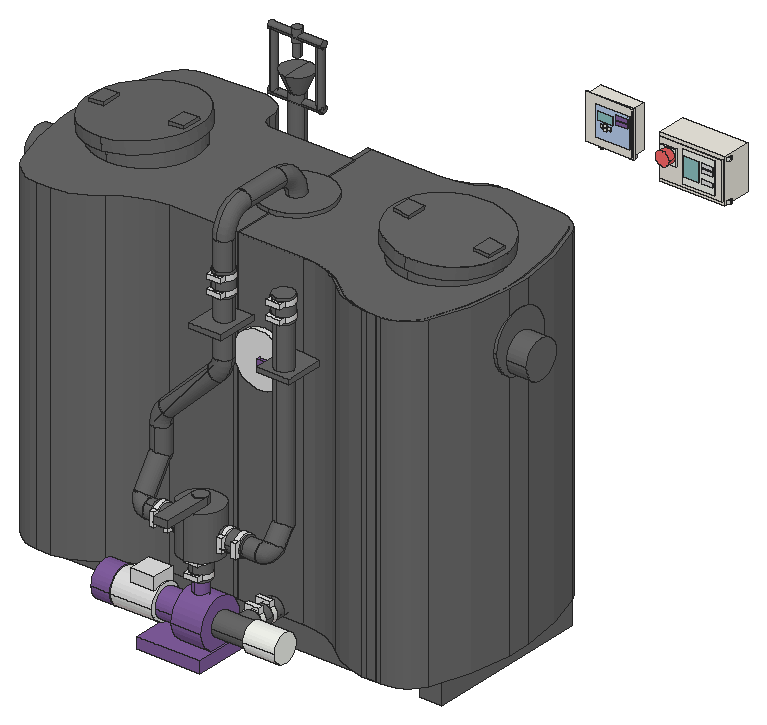
Revit family "93007.02_ms", category Generic Models, Revit 2021
Family settings
  Can host rebar = No
  Round Connector Dimension = Use Diameter
  Part Type = Normal
  Work Plane-Based = No
  Always vertical = Yes
  Cut with Voids When Loaded = No
  Shared = Yes
  Room Calculation Point = No
Parameters (values of type "93007.02_MS")
  SUPPLIER = "KESSEL"
  SA810ID06 = "4026092065044"
  SA810ID03 = "93007.02/MS"
  SA71009ID06 = 3000 W
  SA71009ID05 = 3600 W
  SA71009ID04 = 1
  SA700ID17 = 1255 mm
  SA700ID14 = "ohne Angabe"
  SA700ID13 = 70 mm
  SA700ID09 = 1678 mm
  SA700ID08 = 940 mm
  SA700ID07 = 1910 mm
  SA700ID06 = 700
  SA700ID05 = 7
  SA700ID04 = "Grease separator EasyClean free NS 7, Mix & Pump, SonicControl"
  SA500ID03 = "Sludge trap, integrated"
  SA400ID03 = "PE (Polyethylen)"
  SA250ID03 = "temperierte Umhausung"
  SA200ID03 = "free-standing set-up"
  SA100ID04 = "Abscheideranlage für Fette (Schlammfang und Fettabscheider)"
  PROCUREWEBLINK = "https://p.caden.as/kessel/93007.02%2FMS"
  PROCURELINK = "p.caden.as/kessel/93007.02%2FMS"
  PROCUREDATALASTUPDATE = "2024-05-22T12:18:15.340865712+01:00"
  PRC_SPECIFICATIONLINK = "https://ausschreiben.de/catalog/kessel/catalogItem/1dc75901-4dd0-4659-910a-3110c6bda503"
  NN = "EasyClean free Mix & Pump grease separator"
  NBSYN = "$SA810ID03."
  NB = "93007.02/MS"
  Model = "93007.02/MS"
  Manufacturer = "KESSEL"
  MIdent = "{$CADENAS_DATA/23d-libs/kessel/kessel_vdi_import/40/abscheideranlage20fuer20fette/easyclean_free_mix_pump.prj},210 {STYP=ASS},{VTYP=3D},{NB=93007.02/MS},{LINA=93007.02/MS},{NN=EasyClean free Mix & Pump grease separator},{DATE=21.12.2022 12:04:43},{GEOMDATE=17.11.2022 09:57:07},{VERSION=},{LINEID=220},{WBVAR=},{WBNUMERIC=}  {NB=93007.02/MS},{LINA=93007.02/MS},{KT=DUMMY},{PREVIEW=../../bilder/ksb_w_9300702ms.png},{SA700ID04=Fettabscheider EasyClean free NS 7, Mix & Pump, SonicControl},{SA810ID06=4026092065044},{SA010ID04=KESSEL AG},{SA810ID03=93007.02/MS},{SA100ID04=Abscheideranlage für Fette (Schlammfang und Fettabscheider)},{SA200ID03=Freiaufstellung},{SA400ID03=PE (Polyethylen)},{SA500ID03=Schlammfang integriert},{SA700ID05=7.00},{SA700ID06=700},{SA71009ID04=1},{SA71009ID05=3.60},{SA71009ID06=3.00},{SA250ID03=temperierte Umhausung},{SA700ID07=1910},{SA700ID09=1678},{SA700ID13=70},{SA700ID17=1255},{SA700ID08=940},{SA810ID10=\\\"Der Abscheider für fetthaltiges Abwasser ist für die freie Aufstellung in frostgeschützten Räumen geeignet und verzichtet auf metallische Bauteile im Behälter. Der Sammelbehälter aus dauerhaft beständigem Kunststoff (PE) ist mit einem integrierten Schlammfang ausgestattet und besitzt ein konisch zulaufendes Bodenteil für eine schnelle und saubere Entsorgung. Zwei geruchsdichte Deckel mit Schnellspannverschlüssen ermöglichen einen einfachen Zugang für Reinigungs- und Wartungsarbeiten.Das innovative Schredder-Mix-System mit integriertem Zerhacker übernimmt die Homogenisierung und Umwälzung des Behälterinhaltes. Die Reinigung und geruchsneutrale Entsorgung erfolgt dabei über eine außenliegende Pumpe mit 2-Wege-Ventil und Umschalthebel, die mit einem Absperrschieber vom Behälter getrennt werden kann. Nach der Entsorgung sind nur noch max. 3 Liter Schlammrestvolumen im Behälter vorhanden.Die manuelle Steuerung erfolgt durch ein anwenderfreundliches Schaltgerät, das über einen potentialfreien Kontakt in die Gebäudeleittechnik eingebunden werden kann.Gewährleistung auf den Werkstoff PE 20 Jahre.Ausführung:Absperreinrichtung: jaEntsorgungsart: manuelles Entsorgungs- und ReinigungssystemEntsorgungseinrichtung: EntsorgungspumpeEntsorgungsvariante: Mix & PumpFülleinrichtung nach DIN 1988: jaNenngröße (NS): 7Schauglas: jaSchredder-Mix-System: jaSonicControl: jaWasserversorgung: 1 Schraubventil 1\\\"\\\"Tragfähigkeit (DIN 19901): F3Lieferumfang: Storz-B-Kupplung R 2 1/2 \\\"\\\" für SaugwagenanschlussEinbausituation: freie AufstellungAllgemeine Merkmale:Material: PENorm: EN 1825: 2004, DIN 4040-100Abmessungen:Aufstellfläche Länge: 2.147 mmAufstellfläche Breite: 1.108 mmAufstellfläche Höhe: 1.892 mmEinbringmaß Länge: 1.910 mmEinbringmaß Breite: 940 mmEinbringmaß Höhe: 1.678 mmBehälter/Grundkörper:Zulauf Nennweite (DN): 150 mmZulauf Nennweite (DA): 160 mmAuslauf Nennweite (DN): 150Auslauf Nennweite (DA): 160Abstand Rohrsohle Zulauf zu Behälterboden: 1.255 mmAbstand Rohrsohle Auslauf zu Behälterboden: 1.185 mmAnschluss Zu-/Auslaufstutzen: PE-HD-Rohre nach DIN 19537, HT-Rohre nach DIN 19560, PP oder ASDruckabgang (DA): 75 mmDruckabgang (DN): 65 mmNenndruck (PN): 10Abdeckungsmerkmale:Abdeckungsart: DeckelAbdeckung Material: KunststoffAbdeckung Farbe: violettDichtheit: geruchsdichtVerriegelung: SchnellspannverschlussAbwasserinhalt:Abscheiderinhalt: 650 lGesamtvolumen: 1.350 lSchlammfanginhalt: 700 lSpeichermenge an Fett: 280 lFördereinrichtung:Pumpe: SPF 300 KE 2.0Anzahl Pumpen: 1Förderhöhe max.: 17 mFörderleistung max.: 60 m3/hBetriebsspannung: 400 VNetzfrequenz: 50 HzBetriebsart: S2 - 30 Min.Leistung P1: 3,6 kWLeistung P2: 3 kWDrehzahl: 2.850 U/minErforderliche Absicherung (Leitungsschutz): Absicherung über Schaltgerät 400 VFörderguttemperatur (dauerhaft) max.: 40 °CAnschlusstyp: DirektanschlussGewicht: 44 kgLaufrad Typ: Radiallaufrad mit ZerhackerLänge Netzanschlussleitung Pumpe: 5 mNennstrom: 6,2 ASchutzart Pumpe: IP 55Schutzklasse: ITyp Anschlussleitung Pumpe: H07RN-F 7G 1,5 mm2Temperaturüberwachung: integriertSteuerung:Schaltgerät: jaBetriebsspannung: 400 VNetzfrequenz: 50 HzSelbstdiagnosesystem (SDS): jaBatteriepufferung: neinMehrzeilige Displayanzeige: neinLogbuchfunktion: neinUSB-Schnittstelle: neinGSM-Schnittstelle: neinPotentialfreier Kontakt: jaErforderliche Absicherung (Leitungsschutz): 3 x C 16 AErforderliche Absicherung (RCD): 30 mAMotorschutz Schalter: jaSchutzart Schaltgerät: IP 54\\\"},{SA700ID14=ohne Angabe},{LODLEVEL=0},{CATEGORY3AA=},{CATEGORY3AB=EasyClean free Mix & Pump},{CATEGORY3AC=},{CATEGORY3AD=},{CATEGORY3AE=},{CATEGORY3AF=},{BEZEICHNUNG=},{BREITE=0.0},{TIEFE=MIN},{HOEHE=MIN},{MASSE=MIN},{LOD_=0,'Low'},{LOD_DEU=0,'Low'},{LOD_3DB=93007.02/MS_0},{DNIN1=150},{DNIN2=10},{DNIN3=10},{DNIN4=10},{DNIN5=MIN},{DNIN6=MIN},{DNIN7=MIN},{DNOUT1=150},{DNOUT2=50},{ISD=80},{ISD2=10},{SA960ID03=101},{SA960ID04=3L},{SA960ID08=http://www.kessel.de/info?han=93007.02/MS},{SA010ID01=010},{SA010ID02=40},{SA010ID06=www.kessel.de},{SA010ID08=4026092000007},{SA100ID01=100},{SA100ID02=1},{SA740ID01=740},{SA200ID01=200},{SA200ID02=1},{SA250ID01=250},{SA250ID02=1},{SA400ID01=400},{SA400ID02=1},{SA500ID01=500},{SA500ID02=1},{SA700ID01=700},{SA700ID02=101},{SA700ID14_=0},{SA71009ID01=710.09},{SA71009ID02=1},{SA71009ID03=SPF 300 KE 2.0},{SA71009ID07=IP55},{SA71009ID08=1},{SA71009ID09=1},{SA71009ID10=60},{SA71009ID11=17},{SA810ID01=810},{SA810ID02=101},{SA810ID04=93007.02/MS},{SA810ID07=101},{SA810ID14=PCE},{LINK=http://www.kessel.de/info?han=93007.02/MS},{LINK_=http://www.kessel.de/info?han=93007.02/MS},{LINK_DEU=http://www.kessel.de/info?han=93007.02/MS},{LODLEVELVIS=Low}"
  LINK = "http://www.kessel.de/info?han=93007.02/MS"
  LINA = "93007.02/MS"
  Default Elevation = 0 mm
  CREATOR = "CADENAS GmbH"
  CATALOG = "KESSEL"
  BOMINFO = "LINA"
  ARTICLENO = "NB"
Reference planes
  plane 1 "Center (Front/Back)": y = 0
  plane 2: z = 0
  plane 3 "Center (Left/Right)": x = 0
Dimensions and locks
  aligned and locked: level to plane 2
Nested families
  nested 1: "93007.02_ms_content" at (0, 0, 0), type "93007.02_MS_Content"
  nested 2: "93007.02_ms_part1_X0Y0" at (1000, 1000, 1500), type "93007.02_MS_PART1_X0Y0"
  nested 3: "93007.02_ms_part2_X0Y0" at (600, 1000, 1500), type "93007.02_MS_PART2_X0Y0"
  nested 4: "93007.02_ms_part3_X0Y0" at (0, 0, 0), type "93007.02_MS_PART3_X0Y0"
Connectors
  electrical at (910.5, 933.5, 1478)
    settings: on nested 2, index 1, voltage 0 V, apparent load 0 VA, apparent load phase1 0 VA, apparent load phase2 0 VA, apparent load phase3 0 VA, power factor 1, load classification "Other", number of poles 1, system type 31, power factor state 1, is connector primary yes, connector utility no, sub classification motor no, connector description ""
  electrical at (536, 972.5, 1469)
    settings: on nested 3, index 2, voltage 0 V, apparent load 0 VA, apparent load phase1 0 VA, apparent load phase2 0 VA, apparent load phase3 0 VA, power factor 1, load classification "Other", number of poles 1, system type 31, power factor state 1, is connector primary no, connector utility no, sub classification motor no, connector description ""
  piping at (-1103.3, 0, 1336), diameter 150
    settings: on nested 4, index 3, connector inside diameter 609.6 mm, connector length 0 mm, flow factor 0, pipe flow 0.0 L/s, pressure drop 0.0 Pa, fitting loss kfactor 0, connector angle 0.00°, fixture units 0, engagement length 0 mm, angle of deflection 0.00°, flow configuration 0, flow direction 1, fitting loss method 2, system type 8, joint type 0, gender type 0, connector reference index -1, connector utility 0, adjustable connector no, is connector primary yes, connector description ""
  piping at (1050.4, 0, 1265), diameter 150
    settings: on nested 4, index 4, connector inside diameter 609.6 mm, connector length 0 mm, flow factor 0, pipe flow 0.0 L/s, pressure drop 0.0 Pa, fitting loss kfactor 0, connector angle 0.00°, fixture units 0, engagement length 0 mm, angle of deflection 0.00°, flow configuration 0, flow direction 2, fitting loss method 2, system type 7, joint type 0, gender type 0, connector reference index -1, connector utility 0, adjustable connector no, is connector primary no, connector description ""
  piping at (-306, 386, 1897.9), diameter 10
    settings: on nested 4, index 5, connector inside diameter 609.6 mm, connector length 0 mm, flow factor 0, pipe flow 0.0 L/s, pressure drop 0.0 Pa, fitting loss kfactor 0, connector angle 0.00°, fixture units 0, engagement length 0 mm, angle of deflection 0.00°, flow configuration 0, flow direction 1, fitting loss method 2, system type 8, joint type 0, gender type 0, connector reference index -1, connector utility 0, adjustable connector no, is connector primary no, connector description ""
  piping at (290, -432.5, 1442), diameter 50
    settings: on nested 4, index 6, connector inside diameter 609.6 mm, connector length 0 mm, flow factor 0, pipe flow 0.0 L/s, pressure drop 0.0 Pa, fitting loss kfactor 0, connector angle 0.00°, fixture units 0, engagement length 0 mm, angle of deflection 0.00°, flow configuration 0, flow direction 2, fitting loss method 2, system type 7, joint type 0, gender type 0, connector reference index -1, connector utility 0, adjustable connector no, is connector primary no, connector description ""
  electrical at (-212, -514.5, 248.5)
    settings: on nested 4, index 7, voltage 0 V, apparent load 0 VA, apparent load phase1 0 VA, apparent load phase2 0 VA, apparent load phase3 0 VA, power factor 1, load classification "Other", number of poles 1, system type 31, power factor state 1, is connector primary no, connector utility no, sub classification motor no, connector description ""
Definition of nested family "93007.02_ms_part1_X0Y0"
  Parameters (values of type "93007.02_MS_PART1_X0Y0")
    SUPPLIER = "KESSEL"
    SA810ID06 = "4026092065044"
    SA810ID03 = "93007.02/MS"
    SA71009ID06 = 3000 W
    SA71009ID05 = 3600 W
    SA71009ID04 = 1
    SA700ID17 = 1255 mm
    SA700ID14 = "ohne Angabe"
    SA700ID13 = 70 mm
    SA700ID09 = 1678 mm
    SA700ID08 = 940 mm
    SA700ID07 = 1910 mm
    SA700ID06 = 700
    SA700ID05 = 7
    SA700ID04 = "Grease separator EasyClean free NS 7, Mix & Pump, SonicControl"
    SA500ID03 = "Sludge trap, integrated"
    SA400ID03 = "PE (Polyethylen)"
    SA250ID03 = "temperierte Umhausung"
    SA200ID03 = "free-standing set-up"
    SA100ID04 = "Abscheideranlage für Fette (Schlammfang und Fettabscheider)"
    NBSYN = "$SA810ID03._PART1"
    NB = "93007.02/MS_PART1"
    Model = "93007.02/MS_PART1"
    Manufacturer = "KESSEL"
    MIdent = "{$CADENAS_DATA/23d-libs/kessel/kessel_vdi_import/40/abscheideranlage20fuer20fette/easyclean_free_mix_pump.prj},230 {VTYP=3D},{NB=93007.02/MS_PART1},{LINA=93007.02/MS_PART1},{NN=EasyClean free Mix & Pump grease separator_PART1},{NOPRJ=TRUE},{DATE=21.12.2022 12:04:43},{GEOMDATE=17.11.2022 09:57:07},{VERSION=},{LINEID=220},{WBVAR=},{WBNUMERIC=}  {NB=93007.02/MS_PART1},{LINA=93007.02/MS_PART1},{KT=DUMMY},{PREVIEW=../../bilder/ksb_w_9300702ms.png},{SA700ID04=Fettabscheider EasyClean free NS 7, Mix & Pump, SonicControl},{SA810ID06=4026092065044},{SA010ID04=KESSEL AG},{SA810ID03=93007.02/MS},{SA100ID04=Abscheideranlage für Fette (Schlammfang und Fettabscheider)},{SA200ID03=Freiaufstellung},{SA400ID03=PE (Polyethylen)},{SA500ID03=Schlammfang integriert},{SA700ID05=7.00},{SA700ID06=700},{SA71009ID04=1},{SA71009ID05=3.60},{SA71009ID06=3.00},{SA250ID03=temperierte Umhausung},{SA700ID07=1910},{SA700ID09=1678},{SA700ID13=70},{SA700ID17=1255},{SA700ID08=940},{SA810ID10=\\\"Der Abscheider für fetthaltiges Abwasser ist für die freie Aufstellung in frostgeschützten Räumen geeignet und verzichtet auf metallische Bauteile im Behälter. Der Sammelbehälter aus dauerhaft beständigem Kunststoff (PE) ist mit einem integrierten Schlammfang ausgestattet und besitzt ein konisch zulaufendes Bodenteil für eine schnelle und saubere Entsorgung. Zwei geruchsdichte Deckel mit Schnellspannverschlüssen ermöglichen einen einfachen Zugang für Reinigungs- und Wartungsarbeiten.Das innovative Schredder-Mix-System mit integriertem Zerhacker übernimmt die Homogenisierung und Umwälzung des Behälterinhaltes. Die Reinigung und geruchsneutrale Entsorgung erfolgt dabei über eine außenliegende Pumpe mit 2-Wege-Ventil und Umschalthebel, die mit einem Absperrschieber vom Behälter getrennt werden kann. Nach der Entsorgung sind nur noch max. 3 Liter Schlammrestvolumen im Behälter vorhanden.Die manuelle Steuerung erfolgt durch ein anwenderfreundliches Schaltgerät, das über einen potentialfreien Kontakt in die Gebäudeleittechnik eingebunden werden kann.Gewährleistung auf den Werkstoff PE 20 Jahre.Ausführung:Absperreinrichtung: jaEntsorgungsart: manuelles Entsorgungs- und ReinigungssystemEntsorgungseinrichtung: EntsorgungspumpeEntsorgungsvariante: Mix & PumpFülleinrichtung nach DIN 1988: jaNenngröße (NS): 7Schauglas: jaSchredder-Mix-System: jaSonicControl: jaWasserversorgung: 1 Schraubventil 1\\\"\\\"Tragfähigkeit (DIN 19901): F3Lieferumfang: Storz-B-Kupplung R 2 1/2 \\\"\\\" für SaugwagenanschlussEinbausituation: freie AufstellungAllgemeine Merkmale:Material: PENorm: EN 1825: 2004, DIN 4040-100Abmessungen:Aufstellfläche Länge: 2.147 mmAufstellfläche Breite: 1.108 mmAufstellfläche Höhe: 1.892 mmEinbringmaß Länge: 1.910 mmEinbringmaß Breite: 940 mmEinbringmaß Höhe: 1.678 mmBehälter/Grundkörper:Zulauf Nennweite (DN): 150 mmZulauf Nennweite (DA): 160 mmAuslauf Nennweite (DN): 150Auslauf Nennweite (DA): 160Abstand Rohrsohle Zulauf zu Behälterboden: 1.255 mmAbstand Rohrsohle Auslauf zu Behälterboden: 1.185 mmAnschluss Zu-/Auslaufstutzen: PE-HD-Rohre nach DIN 19537, HT-Rohre nach DIN 19560, PP oder ASDruckabgang (DA): 75 mmDruckabgang (DN): 65 mmNenndruck (PN): 10Abdeckungsmerkmale:Abdeckungsart: DeckelAbdeckung Material: KunststoffAbdeckung Farbe: violettDichtheit: geruchsdichtVerriegelung: SchnellspannverschlussAbwasserinhalt:Abscheiderinhalt: 650 lGesamtvolumen: 1.350 lSchlammfanginhalt: 700 lSpeichermenge an Fett: 280 lFördereinrichtung:Pumpe: SPF 300 KE 2.0Anzahl Pumpen: 1Förderhöhe max.: 17 mFörderleistung max.: 60 m3/hBetriebsspannung: 400 VNetzfrequenz: 50 HzBetriebsart: S2 - 30 Min.Leistung P1: 3,6 kWLeistung P2: 3 kWDrehzahl: 2.850 U/minErforderliche Absicherung (Leitungsschutz): Absicherung über Schaltgerät 400 VFörderguttemperatur (dauerhaft) max.: 40 °CAnschlusstyp: DirektanschlussGewicht: 44 kgLaufrad Typ: Radiallaufrad mit ZerhackerLänge Netzanschlussleitung Pumpe: 5 mNennstrom: 6,2 ASchutzart Pumpe: IP 55Schutzklasse: ITyp Anschlussleitung Pumpe: H07RN-F 7G 1,5 mm2Temperaturüberwachung: integriertSteuerung:Schaltgerät: jaBetriebsspannung: 400 VNetzfrequenz: 50 HzSelbstdiagnosesystem (SDS): jaBatteriepufferung: neinMehrzeilige Displayanzeige: neinLogbuchfunktion: neinUSB-Schnittstelle: neinGSM-Schnittstelle: neinPotentialfreier Kontakt: jaErforderliche Absicherung (Leitungsschutz): 3 x C 16 AErforderliche Absicherung (RCD): 30 mAMotorschutz Schalter: jaSchutzart Schaltgerät: IP 54\\\"},{SA700ID14=ohne Angabe},{LODLEVEL=0},{CATEGORY3AA=},{CATEGORY3AB=EasyClean free Mix & Pump},{CATEGORY3AC=},{CATEGORY3AD=},{CATEGORY3AE=},{CATEGORY3AF=},{BEZEICHNUNG=},{BREITE=0.0},{TIEFE=MIN},{HOEHE=MIN},{MASSE=MIN},{LOD_=0,'Low'},{LOD_DEU=0,'Low'},{LOD_3DB=93007.02/MS_0},{DNIN1=150},{DNIN2=10},{DNIN3=10},{DNIN4=10},{DNIN5=MIN},{DNIN6=MIN},{DNIN7=MIN},{DNOUT1=150},{DNOUT2=50},{ISD=80},{ISD2=10},{SA960ID03=101},{SA960ID04=3L},{SA960ID08=http://www.kessel.de/info?han=93007.02/MS},{SA010ID01=010},{SA010ID02=40},{SA010ID06=www.kessel.de},{SA010ID08=4026092000007},{SA100ID01=100},{SA100ID02=1},{SA740ID01=740},{SA200ID01=200},{SA200ID02=1},{SA250ID01=250},{SA250ID02=1},{SA400ID01=400},{SA400ID02=1},{SA500ID01=500},{SA500ID02=1},{SA700ID01=700},{SA700ID02=101},{SA700ID14_=0},{SA71009ID01=710.09},{SA71009ID02=1},{SA71009ID03=SPF 300 KE 2.0},{SA71009ID07=IP55},{SA71009ID08=1},{SA71009ID09=1},{SA71009ID10=60},{SA71009ID11=17},{SA810ID01=810},{SA810ID02=101},{SA810ID04=93007.02/MS},{SA810ID07=101},{SA810ID14=PCE},{LINK=http://www.kessel.de/info?han=93007.02/MS},{LINK_=http://www.kessel.de/info?han=93007.02/MS},{LINK_DEU=http://www.kessel.de/info?han=93007.02/MS},{LODLEVELVIS=Low}"
    LINK = "http://www.kessel.de/info?han=93007.02/MS"
    LINA = "93007.02/MS_PART1"
    Default Elevation = 1219.2 mm
    CREATOR = "CADENAS GmbH"
    CATALOG = "KESSEL"
    BOMINFO = "LINA"
    ARTICLENO = "NB"
  Reference planes
    plane 1 "Center (Front/Back)": y = 0
    plane 2: z = 0
    plane 3 "Center (Left/Right)": x = 0
  Dimensions and locks
    aligned and locked: level to plane 2
  Nested families
    nested 1: "93007.02_ms_part1_content" at (0, 0, 0), type "93007.02_MS_PART1_Content"
  Definition of nested family "93007.02_ms_part1_content"
    Parameters (values of type "93007.02_MS_PART1_Content")
      SUPPLIER = "KESSEL"
      SA810ID06 = "4026092065044"
      SA810ID03 = "93007.02/MS"
      SA71009ID06 = 3000 W
      SA71009ID05 = 3600 W
      SA71009ID04 = 1
      SA700ID17 = 1255 mm
      SA700ID14 = "ohne Angabe"
      SA700ID13 = 70 mm
      SA700ID09 = 1678 mm
      SA700ID08 = 940 mm
      SA700ID07 = 1910 mm
      SA700ID06 = 700
      SA700ID05 = 7
      SA700ID04 = "Grease separator EasyClean free NS 7, Mix & Pump, SonicControl"
      SA500ID03 = "Sludge trap, integrated"
      SA400ID03 = "PE (Polyethylen)"
      SA250ID03 = "temperierte Umhausung"
      SA200ID03 = "free-standing set-up"
      SA100ID04 = "Abscheideranlage für Fette (Schlammfang und Fettabscheider)"
      NBSYN = "$SA810ID03._PART1"
      NB = "93007.02/MS_PART1"
      Model = "93007.02/MS_PART1"
      Manufacturer = "KESSEL"
      LINK = "http://www.kessel.de/info?han=93007.02/MS"
      LINA = "93007.02/MS_PART1"
      Default Elevation = 1219.2 mm
      CREATOR = "CADENAS GmbH"
      CATALOG = "KESSEL"
      BOMINFO = "LINA"
      ARTICLENO = "NB"
    Reference planes
      plane 1 "Center (Front/Back)": y = 0
      plane 2: z = 0
      plane 3 "Center (Left/Right)": x = 0
    Forms (mm)
      Extrusion 1, solid, detail levels medium+fine
        sketch origin (139, 0, 0) x (0, -1, 0) y (0, 0, 1)
          loop
            line (0, 188) -> (0, 0) -> (122.5, 0) -> (122.5, 188) -> (0, 188)
        from 0 to 278
      Extrusion 2, solid, detail levels medium+fine
        sketch origin (130, -122.5, 14) x (0, -1, 0) y (0, 0, 1)
          loop
            line (0, 160) -> (0, 0) -> (5, 0) -> (5, 160) -> (0, 160)
        from 0 to 269
      Extrusion 3, solid, detail levels medium+fine
        sketch origin (100, -127.5, 26) x (0, -1, 0) y (0, 0, 1)
          loop
            line (-1.5, 135) -> (-1.5, 0) -> (0.2, 0) -> (0.2, 135) -> (-1.5, 135)
        from 0 to 140
      Extrusion 4, solid, detail levels medium+fine
        sketch origin (32.5, -127.7, 55) x (0, -1, 0) y (0, 0, 1)
          loop
            line (-1.5, 79) -> (-1.5, 0) -> (0.1, 0) -> (0.1, 79) -> (-1.5, 79)
        from 0 to 65
      Extrusion 5, solid, detail levels medium+fine
        sketch origin (92.5, -127.7, 97) x (0, -1, 0) y (0, 0, 1)
          loop
            line (-1.5, 16) -> (-1.5, 0) -> (0.1, 0) -> (0.1, 16) -> (-1.5, 16)
        from 0 to 51
      Extrusion 6, solid, detail levels medium+fine
        sketch origin (92.5, -127.7, 55) x (0, -1, 0) y (0, 0, 1)
          loop
            line (-1.5, 16) -> (-1.5, 0) -> (0.1, 0) -> (0.1, 16) -> (-1.5, 16)
        from 0 to 51
      Extrusion 7, solid, detail levels medium+fine
        sketch origin (92.5, -127.7, 118) x (0, -1, 0) y (0, 0, 1)
          loop
            line (-1.5, 16) -> (-1.5, 0) -> (0.1, 0) -> (0.1, 16) -> (-1.5, 16)
        from 0 to 51
      Extrusion 8, solid, detail levels medium+fine
        sketch origin (0.25, -66.5, 1.5) x (0.866025, 0.5, 0) y (0.5, -0.866025, 0)
          loop
            circle (0, 0) r 10
        from 0 to 2.5
      Extrusion 9, solid, detail levels medium+fine
        sketch origin (-63, -127.5, 84) x (0, -1, 0) y (0, 0, 1)
          loop
            line (0, 67) -> (0, 0) -> (7, 0) -> (7, 67) -> (0, 67)
        from 0 to 67
      Extrusion 10, solid, detail levels medium+fine
        sketch origin (-96.5, -134.5, 117.5) x (1, 0, 0) y (0, 0, 1)
          loop
            circle (0, 0) r 29.5
        from 0 to 29
      Extrusion 11, solid, detail levels medium+fine
        sketch origin (30.25, -66.5, 1.5) x (0.866025, 0.5, 0) y (0.5, -0.866025, 0)
          loop
            circle (0, 0) r 10
        from 0 to 2.5
      Extrusion 12, solid, detail levels medium+fine
        sketch origin (60.25, -66.5, 1.5) x (0.866025, 0.5, 0) y (0.5, -0.866025, 0)
          loop
            circle (0, 0) r 10
        from 0 to 2.5
      Extrusion 13, solid, detail levels medium+fine
        sketch origin (-44.5, -66.5, 0) x (0.866025, 0.5, 0) y (0.5, -0.866025, 0)
          loop
            line (0, 17.321) -> (-15, 8.66) -> (-15, -8.66) -> (0, -17.321) -> (15, -8.66) -> (15, 8.66) -> (0, 17.321)
        from 0 to 22
      Extrusion 14, solid, detail levels medium+fine
        sketch origin (-89.5, -66.5, 0) x (0.866025, 0.5, 0) y (0.5, -0.866025, 0)
          loop
            line (0, 17.321) -> (-15, 8.66) -> (-15, -8.66) -> (0, -17.321) -> (15, -8.66) -> (15, 8.66) -> (0, 17.321)
        from 0 to 22
      Extrusion 15, solid, detail levels medium+fine
        sketch origin (-128, 0, 177) x (-1, 0, 0) y (0, 0, 1)
          loop
            circle (0, 0) r 7.5
        from 0 to 2
      Extrusion 16, solid, detail levels medium+fine
        sketch origin (-128, 0, 11) x (-1, 0, 0) y (0, 0, 1)
          loop
            circle (0, 0) r 7.5
        from 0 to 2
      Extrusion 17, solid, detail levels medium+fine
        sketch origin (128, 0, 11) x (-1, 0, 0) y (0, 0, 1)
          loop
            circle (0, 0) r 7.5
        from 0 to 2
      Extrusion 18, solid, detail levels medium+fine
        sketch origin (128, 0, 177) x (-1, 0, 0) y (0, 0, 1)
          loop
            circle (0, 0) r 7.5
        from 0 to 2
      Extrusion 19, solid, detail levels medium+fine
        sketch origin (143.5, -100.5, 170) x (-1, 0, 0) y (0, -1, 0)
          loop
            circle (0, 0) r 5
        from 0 to 14
      Extrusion 20, solid, detail levels medium+fine
        sketch origin (139, -100.5, 170) x (0, -1, 0) y (1, 0, 0)
          loop
            line (0, 9.5) -> (0, 0) -> (20, 0) -> (0, 9.5)
        from 0 to 14
      Extrusion 21, solid, detail levels medium+fine
        sketch origin (143.5, -100.5, 4) x (-1, 0, 0) y (0, -1, 0)
          loop
            circle (0, 0) r 5
        from 0 to 14
      Extrusion 22, solid, detail levels medium+fine
        sketch origin (139, -100.5, 4) x (0, -1, 0) y (1, 0, 0)
          loop
            line (0, 9.5) -> (0, 0) -> (20, 0) -> (0, 9.5)
        from 0 to 14
      Extrusion 23, solid, detail levels coarse
        sketch origin (4.75, -80.75, -22) x (1, 0, 0) y (0, 1, 0)
          loop
            line (-143.75, -82.75) -> (143.75, -82.75) -> (143.75, 82.75) -> (-143.75, 82.75) -> (-143.75, -82.75)
        from 0 to 210
    Dimensions and locks
      aligned and locked: level to plane 2
Definition of nested family "93007.02_ms_part2_X0Y0"
  Parameters (values of type "93007.02_MS_PART2_X0Y0")
    SUPPLIER = "KESSEL"
    SA810ID06 = "4026092065044"
    SA810ID03 = "93007.02/MS"
    SA71009ID06 = 3000 W
    SA71009ID05 = 3600 W
    SA71009ID04 = 1
    SA700ID17 = 1255 mm
    SA700ID14 = "ohne Angabe"
    SA700ID13 = 70 mm
    SA700ID09 = 1678 mm
    SA700ID08 = 940 mm
    SA700ID07 = 1910 mm
    SA700ID06 = 700
    SA700ID05 = 7
    SA700ID04 = "Grease separator EasyClean free NS 7, Mix & Pump, SonicControl"
    SA500ID03 = "Sludge trap, integrated"
    SA400ID03 = "PE (Polyethylen)"
    SA250ID03 = "temperierte Umhausung"
    SA200ID03 = "free-standing set-up"
    SA100ID04 = "Abscheideranlage für Fette (Schlammfang und Fettabscheider)"
    NBSYN = "$SA810ID03._PART2"
    NB = "93007.02/MS_PART2"
    Model = "93007.02/MS_PART2"
    Manufacturer = "KESSEL"
    MIdent = "{$CADENAS_DATA/23d-libs/kessel/kessel_vdi_import/40/abscheideranlage20fuer20fette/easyclean_free_mix_pump.prj},230 {VTYP=3D},{NB=93007.02/MS_PART2},{LINA=93007.02/MS_PART2},{NN=EasyClean free Mix & Pump grease separator_PART2},{NOPRJ=TRUE},{DATE=21.12.2022 12:04:43},{GEOMDATE=17.11.2022 09:57:07},{VERSION=},{LINEID=220},{WBVAR=},{WBNUMERIC=}  {NB=93007.02/MS_PART2},{LINA=93007.02/MS_PART2},{KT=DUMMY},{PREVIEW=../../bilder/ksb_w_9300702ms.png},{SA700ID04=Fettabscheider EasyClean free NS 7, Mix & Pump, SonicControl},{SA810ID06=4026092065044},{SA010ID04=KESSEL AG},{SA810ID03=93007.02/MS},{SA100ID04=Abscheideranlage für Fette (Schlammfang und Fettabscheider)},{SA200ID03=Freiaufstellung},{SA400ID03=PE (Polyethylen)},{SA500ID03=Schlammfang integriert},{SA700ID05=7.00},{SA700ID06=700},{SA71009ID04=1},{SA71009ID05=3.60},{SA71009ID06=3.00},{SA250ID03=temperierte Umhausung},{SA700ID07=1910},{SA700ID09=1678},{SA700ID13=70},{SA700ID17=1255},{SA700ID08=940},{SA810ID10=\\\"Der Abscheider für fetthaltiges Abwasser ist für die freie Aufstellung in frostgeschützten Räumen geeignet und verzichtet auf metallische Bauteile im Behälter. Der Sammelbehälter aus dauerhaft beständigem Kunststoff (PE) ist mit einem integrierten Schlammfang ausgestattet und besitzt ein konisch zulaufendes Bodenteil für eine schnelle und saubere Entsorgung. Zwei geruchsdichte Deckel mit Schnellspannverschlüssen ermöglichen einen einfachen Zugang für Reinigungs- und Wartungsarbeiten.Das innovative Schredder-Mix-System mit integriertem Zerhacker übernimmt die Homogenisierung und Umwälzung des Behälterinhaltes. Die Reinigung und geruchsneutrale Entsorgung erfolgt dabei über eine außenliegende Pumpe mit 2-Wege-Ventil und Umschalthebel, die mit einem Absperrschieber vom Behälter getrennt werden kann. Nach der Entsorgung sind nur noch max. 3 Liter Schlammrestvolumen im Behälter vorhanden.Die manuelle Steuerung erfolgt durch ein anwenderfreundliches Schaltgerät, das über einen potentialfreien Kontakt in die Gebäudeleittechnik eingebunden werden kann.Gewährleistung auf den Werkstoff PE 20 Jahre.Ausführung:Absperreinrichtung: jaEntsorgungsart: manuelles Entsorgungs- und ReinigungssystemEntsorgungseinrichtung: EntsorgungspumpeEntsorgungsvariante: Mix & PumpFülleinrichtung nach DIN 1988: jaNenngröße (NS): 7Schauglas: jaSchredder-Mix-System: jaSonicControl: jaWasserversorgung: 1 Schraubventil 1\\\"\\\"Tragfähigkeit (DIN 19901): F3Lieferumfang: Storz-B-Kupplung R 2 1/2 \\\"\\\" für SaugwagenanschlussEinbausituation: freie AufstellungAllgemeine Merkmale:Material: PENorm: EN 1825: 2004, DIN 4040-100Abmessungen:Aufstellfläche Länge: 2.147 mmAufstellfläche Breite: 1.108 mmAufstellfläche Höhe: 1.892 mmEinbringmaß Länge: 1.910 mmEinbringmaß Breite: 940 mmEinbringmaß Höhe: 1.678 mmBehälter/Grundkörper:Zulauf Nennweite (DN): 150 mmZulauf Nennweite (DA): 160 mmAuslauf Nennweite (DN): 150Auslauf Nennweite (DA): 160Abstand Rohrsohle Zulauf zu Behälterboden: 1.255 mmAbstand Rohrsohle Auslauf zu Behälterboden: 1.185 mmAnschluss Zu-/Auslaufstutzen: PE-HD-Rohre nach DIN 19537, HT-Rohre nach DIN 19560, PP oder ASDruckabgang (DA): 75 mmDruckabgang (DN): 65 mmNenndruck (PN): 10Abdeckungsmerkmale:Abdeckungsart: DeckelAbdeckung Material: KunststoffAbdeckung Farbe: violettDichtheit: geruchsdichtVerriegelung: SchnellspannverschlussAbwasserinhalt:Abscheiderinhalt: 650 lGesamtvolumen: 1.350 lSchlammfanginhalt: 700 lSpeichermenge an Fett: 280 lFördereinrichtung:Pumpe: SPF 300 KE 2.0Anzahl Pumpen: 1Förderhöhe max.: 17 mFörderleistung max.: 60 m3/hBetriebsspannung: 400 VNetzfrequenz: 50 HzBetriebsart: S2 - 30 Min.Leistung P1: 3,6 kWLeistung P2: 3 kWDrehzahl: 2.850 U/minErforderliche Absicherung (Leitungsschutz): Absicherung über Schaltgerät 400 VFörderguttemperatur (dauerhaft) max.: 40 °CAnschlusstyp: DirektanschlussGewicht: 44 kgLaufrad Typ: Radiallaufrad mit ZerhackerLänge Netzanschlussleitung Pumpe: 5 mNennstrom: 6,2 ASchutzart Pumpe: IP 55Schutzklasse: ITyp Anschlussleitung Pumpe: H07RN-F 7G 1,5 mm2Temperaturüberwachung: integriertSteuerung:Schaltgerät: jaBetriebsspannung: 400 VNetzfrequenz: 50 HzSelbstdiagnosesystem (SDS): jaBatteriepufferung: neinMehrzeilige Displayanzeige: neinLogbuchfunktion: neinUSB-Schnittstelle: neinGSM-Schnittstelle: neinPotentialfreier Kontakt: jaErforderliche Absicherung (Leitungsschutz): 3 x C 16 AErforderliche Absicherung (RCD): 30 mAMotorschutz Schalter: jaSchutzart Schaltgerät: IP 54\\\"},{SA700ID14=ohne Angabe},{LODLEVEL=0},{CATEGORY3AA=},{CATEGORY3AB=EasyClean free Mix & Pump},{CATEGORY3AC=},{CATEGORY3AD=},{CATEGORY3AE=},{CATEGORY3AF=},{BEZEICHNUNG=},{BREITE=0.0},{TIEFE=MIN},{HOEHE=MIN},{MASSE=MIN},{LOD_=0,'Low'},{LOD_DEU=0,'Low'},{LOD_3DB=93007.02/MS_0},{DNIN1=150},{DNIN2=10},{DNIN3=10},{DNIN4=10},{DNIN5=MIN},{DNIN6=MIN},{DNIN7=MIN},{DNOUT1=150},{DNOUT2=50},{ISD=80},{ISD2=10},{SA960ID03=101},{SA960ID04=3L},{SA960ID08=http://www.kessel.de/info?han=93007.02/MS},{SA010ID01=010},{SA010ID02=40},{SA010ID06=www.kessel.de},{SA010ID08=4026092000007},{SA100ID01=100},{SA100ID02=1},{SA740ID01=740},{SA200ID01=200},{SA200ID02=1},{SA250ID01=250},{SA250ID02=1},{SA400ID01=400},{SA400ID02=1},{SA500ID01=500},{SA500ID02=1},{SA700ID01=700},{SA700ID02=101},{SA700ID14_=0},{SA71009ID01=710.09},{SA71009ID02=1},{SA71009ID03=SPF 300 KE 2.0},{SA71009ID07=IP55},{SA71009ID08=1},{SA71009ID09=1},{SA71009ID10=60},{SA71009ID11=17},{SA810ID01=810},{SA810ID02=101},{SA810ID04=93007.02/MS},{SA810ID07=101},{SA810ID14=PCE},{LINK=http://www.kessel.de/info?han=93007.02/MS},{LINK_=http://www.kessel.de/info?han=93007.02/MS},{LINK_DEU=http://www.kessel.de/info?han=93007.02/MS},{LODLEVELVIS=Low}"
    LINK = "http://www.kessel.de/info?han=93007.02/MS"
    LINA = "93007.02/MS_PART2"
    Default Elevation = 1219.2 mm
    CREATOR = "CADENAS GmbH"
    CATALOG = "KESSEL"
    BOMINFO = "LINA"
    ARTICLENO = "NB"
  Reference planes
    plane 1 "Center (Front/Back)": y = 0
    plane 2: z = 0
    plane 3 "Center (Left/Right)": x = 0
  Dimensions and locks
    aligned and locked: level to plane 2
  Nested families
    nested 1: "93007.02_ms_part2_content" at (0, 0, 0), type "93007.02_MS_PART2_Content"
  Definition of nested family "93007.02_ms_part2_content"
    Parameters (values of type "93007.02_MS_PART2_Content")
      SUPPLIER = "KESSEL"
      SA810ID06 = "4026092065044"
      SA810ID03 = "93007.02/MS"
      SA71009ID06 = 3000 W
      SA71009ID05 = 3600 W
      SA71009ID04 = 1
      SA700ID17 = 1255 mm
      SA700ID14 = "ohne Angabe"
      SA700ID13 = 70 mm
      SA700ID09 = 1678 mm
      SA700ID08 = 940 mm
      SA700ID07 = 1910 mm
      SA700ID06 = 700
      SA700ID05 = 7
      SA700ID04 = "Grease separator EasyClean free NS 7, Mix & Pump, SonicControl"
      SA500ID03 = "Sludge trap, integrated"
      SA400ID03 = "PE (Polyethylen)"
      SA250ID03 = "temperierte Umhausung"
      SA200ID03 = "free-standing set-up"
      SA100ID04 = "Abscheideranlage für Fette (Schlammfang und Fettabscheider)"
      NBSYN = "$SA810ID03._PART2"
      NB = "93007.02/MS_PART2"
      Model = "93007.02/MS_PART2"
      Manufacturer = "KESSEL"
      LINK = "http://www.kessel.de/info?han=93007.02/MS"
      LINA = "93007.02/MS_PART2"
      Default Elevation = 1219.2 mm
      CREATOR = "CADENAS GmbH"
      CATALOG = "KESSEL"
      BOMINFO = "LINA"
      ARTICLENO = "NB"
    Reference planes
      plane 1 "Center (Front/Back)": y = 0
      plane 2: z = 0
      plane 3 "Center (Left/Right)": x = 0
    Forms (mm)
      Extrusion 1, solid, detail levels medium+fine
        sketch origin (94, 0, 5) x (0, -1, 0) y (0, 0, 1)
          loop
            line (0, 184) -> (0, 0) -> (64.5, 0) -> (64.5, 184) -> (0, 184)
        from 0 to 188
      Extrusion 2, solid, detail levels medium+fine
        sketch origin (104, -64.5, 0) x (0, -1, 0) y (0, 0, 1)
          loop
            line (0, 194) -> (0, 0) -> (3.5, 0) -> (3.5, 194) -> (0, 194)
        from 0 to 208
      Extrusion 3, solid, detail levels medium+fine
        sketch origin (86.3, -68, 33.2) x (0, -1, 0) y (0, 0, 1)
          loop
            line (-0.5, 127) -> (-0.5, 0) -> (1, 0) -> (1, 127) -> (-0.5, 127)
        from 0 to 146
      Extrusion 4, solid, detail levels medium+fine
        sketch origin (6.8, -69, 77.2) x (0, -1, 0) y (0, 0, 1)
          loop
            line (-0.5, 12) -> (-0.5, 0) -> (1, 0) -> (1, 12) -> (-0.5, 12)
        from 0 to 12
      Extrusion 5, solid, detail levels medium+fine
        sketch origin (-9.7, -69, 85.45) x (0, -1, 0) y (0, 0, 1)
          loop
            line (-0.5, 12) -> (-0.5, 0) -> (1, 0) -> (1, 12) -> (-0.5, 12)
        from 0 to 12
      Extrusion 6, solid, detail levels medium+fine
        sketch origin (-9.7, -69, 68.95) x (0, -1, 0) y (0, 0, 1)
          loop
            line (-0.5, 12) -> (-0.5, 0) -> (1, 0) -> (1, 12) -> (-0.5, 12)
        from 0 to 12
      Extrusion 7, solid, detail levels medium+fine
        sketch origin (13.3, -69, 100.45) x (0, -1, 0) y (0, 0, 1)
          loop
            line (-0.5, 37) -> (-0.5, 0) -> (1, 0) -> (1, 37) -> (-0.5, 37)
        from 0 to 65
      Extrusion 8, solid, detail levels medium+fine
        sketch origin (78.8, -69, 110.7) x (0, -1, 0) y (0, 0, 1)
          loop
            line (-0.5, 16) -> (-0.5, 0) -> (1, 0) -> (1, 16) -> (-0.5, 16)
        from 0 to 51
      Extrusion 9, solid, detail levels medium+fine
        sketch origin (-26.2, -69, 77.2) x (0, -1, 0) y (0, 0, 1)
          loop
            line (-0.5, 12) -> (-0.5, 0) -> (1, 0) -> (1, 12) -> (-0.5, 12)
        from 0 to 12
      Extrusion 10, solid, detail levels medium+fine
        sketch origin (78.75, -69, 130.75) x (0, -1, 0) y (0, 0, 1)
          loop
            line (-0.5, 16) -> (-0.5, 0) -> (1, 0) -> (1, 16) -> (-0.5, 16)
        from 0 to 51
      Extrusion 11, solid, detail levels medium+fine
        sketch origin (-64, -27.5, 5) x (1, 0, 0) y (0, -1, 0)
          loop
            circle (0, 0) r 12
        from 0 to 26
      Extrusion 12, solid, detail levels medium+fine
        sketch origin (-64, -27.5, -21) x (1, 0, 0) y (0, -1, 0)
          loop
            circle (0, 0) r 5
        from 0 to 10
      Extrusion 13, solid, detail levels medium+fine
        sketch origin (67, -27.5, 5) x (1, 0, 0) y (0, -1, 0)
          loop
            circle (0, 0) r 12
        from 0 to 26
      Extrusion 14, solid, detail levels coarse
        sketch origin (0, -35, -31) x (1, 0, 0) y (0, 1, 0)
          loop
            line (-104, -35) -> (104, -35) -> (104, 35) -> (-104, 35) -> (-104, -35)
        from 0 to 225
    Dimensions and locks
      aligned and locked: level to plane 2
Definition of nested family "93007.02_ms_part3_X0Y0"
  Parameters (values of type "93007.02_MS_PART3_X0Y0")
    SUPPLIER = "KESSEL"
    SA810ID06 = "4026092065044"
    SA810ID03 = "93007.02/MS"
    SA71009ID06 = 3000 W
    SA71009ID05 = 3600 W
    SA71009ID04 = 1
    SA700ID17 = 1255 mm
    SA700ID14 = "ohne Angabe"
    SA700ID13 = 70 mm
    SA700ID09 = 1678 mm
    SA700ID08 = 940 mm
    SA700ID07 = 1910 mm
    SA700ID06 = 700
    SA700ID05 = 7
    SA700ID04 = "Grease separator EasyClean free NS 7, Mix & Pump, SonicControl"
    SA500ID03 = "Sludge trap, integrated"
    SA400ID03 = "PE (Polyethylen)"
    SA250ID03 = "temperierte Umhausung"
    SA200ID03 = "free-standing set-up"
    SA100ID04 = "Abscheideranlage für Fette (Schlammfang und Fettabscheider)"
    NBSYN = "$SA810ID03._PART3"
    NB = "93007.02/MS_PART3"
    Model = "93007.02/MS_PART3"
    Manufacturer = "KESSEL"
    MIdent = "{$CADENAS_DATA/23d-libs/kessel/kessel_vdi_import/40/abscheideranlage20fuer20fette/easyclean_free_mix_pump.prj},230 {VTYP=3D},{NB=93007.02/MS_PART3},{LINA=93007.02/MS_PART3},{NN=EasyClean free Mix & Pump grease separator_PART3},{NOPRJ=TRUE},{DATE=21.12.2022 12:04:43},{GEOMDATE=17.11.2022 09:57:07},{VERSION=},{LINEID=220},{WBVAR=},{WBNUMERIC=}  {NB=93007.02/MS_PART3},{LINA=93007.02/MS_PART3},{KT=DUMMY},{PREVIEW=../../bilder/ksb_w_9300702ms.png},{SA700ID04=Fettabscheider EasyClean free NS 7, Mix & Pump, SonicControl},{SA810ID06=4026092065044},{SA010ID04=KESSEL AG},{SA810ID03=93007.02/MS},{SA100ID04=Abscheideranlage für Fette (Schlammfang und Fettabscheider)},{SA200ID03=Freiaufstellung},{SA400ID03=PE (Polyethylen)},{SA500ID03=Schlammfang integriert},{SA700ID05=7.00},{SA700ID06=700},{SA71009ID04=1},{SA71009ID05=3.60},{SA71009ID06=3.00},{SA250ID03=temperierte Umhausung},{SA700ID07=1910},{SA700ID09=1678},{SA700ID13=70},{SA700ID17=1255},{SA700ID08=940},{SA810ID10=\\\"Der Abscheider für fetthaltiges Abwasser ist für die freie Aufstellung in frostgeschützten Räumen geeignet und verzichtet auf metallische Bauteile im Behälter. Der Sammelbehälter aus dauerhaft beständigem Kunststoff (PE) ist mit einem integrierten Schlammfang ausgestattet und besitzt ein konisch zulaufendes Bodenteil für eine schnelle und saubere Entsorgung. Zwei geruchsdichte Deckel mit Schnellspannverschlüssen ermöglichen einen einfachen Zugang für Reinigungs- und Wartungsarbeiten.Das innovative Schredder-Mix-System mit integriertem Zerhacker übernimmt die Homogenisierung und Umwälzung des Behälterinhaltes. Die Reinigung und geruchsneutrale Entsorgung erfolgt dabei über eine außenliegende Pumpe mit 2-Wege-Ventil und Umschalthebel, die mit einem Absperrschieber vom Behälter getrennt werden kann. Nach der Entsorgung sind nur noch max. 3 Liter Schlammrestvolumen im Behälter vorhanden.Die manuelle Steuerung erfolgt durch ein anwenderfreundliches Schaltgerät, das über einen potentialfreien Kontakt in die Gebäudeleittechnik eingebunden werden kann.Gewährleistung auf den Werkstoff PE 20 Jahre.Ausführung:Absperreinrichtung: jaEntsorgungsart: manuelles Entsorgungs- und ReinigungssystemEntsorgungseinrichtung: EntsorgungspumpeEntsorgungsvariante: Mix & PumpFülleinrichtung nach DIN 1988: jaNenngröße (NS): 7Schauglas: jaSchredder-Mix-System: jaSonicControl: jaWasserversorgung: 1 Schraubventil 1\\\"\\\"Tragfähigkeit (DIN 19901): F3Lieferumfang: Storz-B-Kupplung R 2 1/2 \\\"\\\" für SaugwagenanschlussEinbausituation: freie AufstellungAllgemeine Merkmale:Material: PENorm: EN 1825: 2004, DIN 4040-100Abmessungen:Aufstellfläche Länge: 2.147 mmAufstellfläche Breite: 1.108 mmAufstellfläche Höhe: 1.892 mmEinbringmaß Länge: 1.910 mmEinbringmaß Breite: 940 mmEinbringmaß Höhe: 1.678 mmBehälter/Grundkörper:Zulauf Nennweite (DN): 150 mmZulauf Nennweite (DA): 160 mmAuslauf Nennweite (DN): 150Auslauf Nennweite (DA): 160Abstand Rohrsohle Zulauf zu Behälterboden: 1.255 mmAbstand Rohrsohle Auslauf zu Behälterboden: 1.185 mmAnschluss Zu-/Auslaufstutzen: PE-HD-Rohre nach DIN 19537, HT-Rohre nach DIN 19560, PP oder ASDruckabgang (DA): 75 mmDruckabgang (DN): 65 mmNenndruck (PN): 10Abdeckungsmerkmale:Abdeckungsart: DeckelAbdeckung Material: KunststoffAbdeckung Farbe: violettDichtheit: geruchsdichtVerriegelung: SchnellspannverschlussAbwasserinhalt:Abscheiderinhalt: 650 lGesamtvolumen: 1.350 lSchlammfanginhalt: 700 lSpeichermenge an Fett: 280 lFördereinrichtung:Pumpe: SPF 300 KE 2.0Anzahl Pumpen: 1Förderhöhe max.: 17 mFörderleistung max.: 60 m3/hBetriebsspannung: 400 VNetzfrequenz: 50 HzBetriebsart: S2 - 30 Min.Leistung P1: 3,6 kWLeistung P2: 3 kWDrehzahl: 2.850 U/minErforderliche Absicherung (Leitungsschutz): Absicherung über Schaltgerät 400 VFörderguttemperatur (dauerhaft) max.: 40 °CAnschlusstyp: DirektanschlussGewicht: 44 kgLaufrad Typ: Radiallaufrad mit ZerhackerLänge Netzanschlussleitung Pumpe: 5 mNennstrom: 6,2 ASchutzart Pumpe: IP 55Schutzklasse: ITyp Anschlussleitung Pumpe: H07RN-F 7G 1,5 mm2Temperaturüberwachung: integriertSteuerung:Schaltgerät: jaBetriebsspannung: 400 VNetzfrequenz: 50 HzSelbstdiagnosesystem (SDS): jaBatteriepufferung: neinMehrzeilige Displayanzeige: neinLogbuchfunktion: neinUSB-Schnittstelle: neinGSM-Schnittstelle: neinPotentialfreier Kontakt: jaErforderliche Absicherung (Leitungsschutz): 3 x C 16 AErforderliche Absicherung (RCD): 30 mAMotorschutz Schalter: jaSchutzart Schaltgerät: IP 54\\\"},{SA700ID14=ohne Angabe},{LODLEVEL=0},{CATEGORY3AA=},{CATEGORY3AB=EasyClean free Mix & Pump},{CATEGORY3AC=},{CATEGORY3AD=},{CATEGORY3AE=},{CATEGORY3AF=},{BEZEICHNUNG=},{BREITE=0.0},{TIEFE=MIN},{HOEHE=MIN},{MASSE=MIN},{LOD_=0,'Low'},{LOD_DEU=0,'Low'},{LOD_3DB=93007.02/MS_0},{DNIN1=150},{DNIN2=10},{DNIN3=10},{DNIN4=10},{DNIN5=MIN},{DNIN6=MIN},{DNIN7=MIN},{DNOUT1=150},{DNOUT2=50},{ISD=80},{ISD2=10},{SA960ID03=101},{SA960ID04=3L},{SA960ID08=http://www.kessel.de/info?han=93007.02/MS},{SA010ID01=010},{SA010ID02=40},{SA010ID06=www.kessel.de},{SA010ID08=4026092000007},{SA100ID01=100},{SA100ID02=1},{SA740ID01=740},{SA200ID01=200},{SA200ID02=1},{SA250ID01=250},{SA250ID02=1},{SA400ID01=400},{SA400ID02=1},{SA500ID01=500},{SA500ID02=1},{SA700ID01=700},{SA700ID02=101},{SA700ID14_=0},{SA71009ID01=710.09},{SA71009ID02=1},{SA71009ID03=SPF 300 KE 2.0},{SA71009ID07=IP55},{SA71009ID08=1},{SA71009ID09=1},{SA71009ID10=60},{SA71009ID11=17},{SA810ID01=810},{SA810ID02=101},{SA810ID04=93007.02/MS},{SA810ID07=101},{SA810ID14=PCE},{LINK=http://www.kessel.de/info?han=93007.02/MS},{LINK_=http://www.kessel.de/info?han=93007.02/MS},{LINK_DEU=http://www.kessel.de/info?han=93007.02/MS},{LODLEVELVIS=Low}"
    LINK = "http://www.kessel.de/info?han=93007.02/MS"
    LINA = "93007.02/MS_PART3"
    Default Elevation = 1219.2 mm
    CREATOR = "CADENAS GmbH"
    CATALOG = "KESSEL"
    BOMINFO = "LINA"
    ARTICLENO = "NB"
  Reference planes
    plane 1 "Center (Front/Back)": y = 0
    plane 2: z = 0
    plane 3 "Center (Left/Right)": x = 0
  Dimensions and locks
    aligned and locked: level to plane 2
  Nested families
    nested 1: "93007.02_ms_part3_content" at (0, 0, 0), type "93007.02_MS_PART3_Content"
  Definition of nested family "93007.02_ms_part3_content"
    Parameters (values of type "93007.02_MS_PART3_Content")
      SUPPLIER = "KESSEL"
      SA810ID06 = "4026092065044"
      SA810ID03 = "93007.02/MS"
      SA71009ID06 = 3000 W
      SA71009ID05 = 3600 W
      SA71009ID04 = 1
      SA700ID17 = 1255 mm
      SA700ID14 = "ohne Angabe"
      SA700ID13 = 70 mm
      SA700ID09 = 1678 mm
      SA700ID08 = 940 mm
      SA700ID07 = 1910 mm
      SA700ID06 = 700
      SA700ID05 = 7
      SA700ID04 = "Grease separator EasyClean free NS 7, Mix & Pump, SonicControl"
      SA500ID03 = "Sludge trap, integrated"
      SA400ID03 = "PE (Polyethylen)"
      SA250ID03 = "temperierte Umhausung"
      SA200ID03 = "free-standing set-up"
      SA100ID04 = "Abscheideranlage für Fette (Schlammfang und Fettabscheider)"
      NBSYN = "$SA810ID03._PART3"
      NB = "93007.02/MS_PART3"
      Model = "93007.02/MS_PART3"
      Manufacturer = "KESSEL"
      LINK = "http://www.kessel.de/info?han=93007.02/MS"
      LINA = "93007.02/MS_PART3"
      Default Elevation = 1219.2 mm
      CREATOR = "CADENAS GmbH"
      CATALOG = "KESSEL"
      BOMINFO = "LINA"
      ARTICLENO = "NB"
    Reference planes
      plane 1 "Center (Front/Back)": y = 0
      plane 2: z = 0
      plane 3 "Center (Left/Right)": x = 0
    Forms (mm)
      Extrusion 1, solid, detail levels medium+fine
        sketch origin (-865.5, -305, 0) x (0, 1, 0) y (0, 0, 1)
          loop
            line (0, 113) -> (0, 0) -> (700, 0) -> (700, 113) -> (0, 113)
        from 0 to 266.5
      Extrusion 2, solid, detail levels medium+fine
        sketch origin (-10.34, 0, 113) x (0, 1, 0) y (-1, 0, 0)
          loop
            arc (-471.76, 667.79) -> (-447.127, 574.331) -> (-396.29, 492.13) r 327.546
            arc (-396.29, 492.13) -> (-336.101, 397.063) -> (-315, 286.54) r 301.203
            line (-315, 286.54) -> (-315, -10.34) -> (314.85, -10.34) -> (315, 349.05)
            arc (315, 349.05) -> (328.731, 383.467) -> (362.383, 398.98) r 49.998
            line (362.383, 398.98) -> (405.15, 401.22)
            arc (405.15, 401.22) -> (457.525, 444.447) -> (478.02, 509.19) r 119.906
            line (478.02, 509.19) -> (470.39, 737.14)
            arc (470.39, 737.14) -> (446.13, 812.948) -> (386.5, 865.67) r 149.993
            arc (386.5, 865.67) -> (221.863, 920.951) -> (49.96, 945.66) r 959.841
            line (49.96, 945.66) -> (-50.04, 945.66)
            arc (-50.04, 945.66) -> (-221.541, 921.057) -> (-385.82, 866.01) r 959.405
            arc (-385.82, 866.01) -> (-448.276, 809.015) -> (-471.76, 727.79) r 155.787
            line (-471.76, 727.79) -> (-471.76, 667.79)
        from 0 to 1410
      Extrusion 3, solid, detail levels medium+fine
        sketch origin (-10.34, 0, 113) x (0, 1, 0) y (-1, 0, 0)
          loop
            arc (-471.76, -729.79) -> (-448.276, -811.015) -> (-385.82, -868.01) r 155.787
            arc (-385.82, -868.01) -> (-221.541, -923.057) -> (-50.04, -947.66) r 959.405
            line (-50.04, -947.66) -> (49.96, -947.66)
            arc (49.96, -947.66) -> (221.865, -922.96) -> (386.5, -867.67) r 959.24
            arc (386.5, -867.67) -> (446.13, -814.948) -> (470.39, -739.14) r 149.993
            line (470.39, -739.14) -> (478.02, -511.19)
            arc (478.02, -511.19) -> (475.1, -484.299) -> (465.09, -459.17) r 100.14
            arc (465.09, -459.17) -> (421.394, -373.517) -> (405, -278.77) r 321.294
            line (405, -278.77) -> (405, 8.34) -> (-315, 8.34) -> (-315, -288.534)
            arc (-315, -288.534) -> (-336.062, -398.964) -> (-396.29, -493.89) r 300.032
            arc (-396.29, -493.89) -> (-447.086, -576.236) -> (-471.76, -669.79) r 329.328
            line (-471.76, -669.79) -> (-471.76, -729.79)
        from 0 to 1410
      Extrusion 4, solid, detail levels medium+fine
        sketch origin (0, 0, 1208.3) x (1, 0, 0) y (0, 1, 0)
          loop
            line (-68, 8) -> (-68, -492) -> (70, -492) -> (70, 8) -> (-68, 8)
        from 0 to 20.5
      Extrusion 5, solid, detail levels medium+fine
        sketch origin (0, 0, 1080.25) x (1, 0, 0) y (0, 1, 0)
          loop
            circle (0, -391) r 37.5
        from 0 to 458.76
      Extrusion 6, solid, detail levels medium+fine
        sketch origin (0, 0, 1080.25) x (0.766044, 0, -0.642788) y (0, 1, 0)
          loop
            circle (0, -391) r 2
        from -463 to 0
      Revolve 7, solid, detail levels medium+fine
        sketch origin (-268.5, -391, 729) x (1, 0, 0) y (0, 1, 0)
          loop
            circle (0, 0) r 37.5
          axis (100, 0) -> (100, -1)
        angle from -45.5 to 0
      Extrusion 8, solid, detail levels medium+fine
        sketch origin (-268.5, -391, 613) x (0, 1, 0) y (-1, 0, 0)
          loop
            circle (0, 0) r 37.5
        from 0 to 116
      Revolve 9, solid, detail levels medium+fine
        sketch origin (-268.5, -391, 613) x (0, 1, 0) y (0, 0, 1)
          loop
            line (0, 37.5) -> (0, -37.5)
            arc (0, -37.5) -> (37.5, 0) -> (0, 37.5) r 37.5
          axis (0, -37.5) -> (0, 37.5)
        angle from -360 to 0
      Extrusion 10, solid, detail levels medium+fine
        sketch origin (-268.5, -482.8, 490.33) x (-1, 0, 0) y (0, -0.819152, 0.573577)
          loop
            circle (0, 0) r 37.5
        from 0 to 150
      Revolve 11, solid, detail levels medium+fine
        sketch origin (-230.5, -503, 463) x (0, 0.573577, 0.819152) y (0, 0.819152, -0.573577)
          loop
            circle (0, 0) r 37.5
          axis (38, 0) -> (38, -1)
        angle from -90 to 0
      Extrusion 12, solid, detail levels medium+fine
        sketch origin (27, -503, 463) x (0, -0.573576, 0.819152) y (0, 0.819152, 0.573576)
          loop
            circle (0, 0) r 37.5
        from 0 to 257.5
      Extrusion 13, solid, detail levels medium+fine
        sketch origin (-104.5, -503, 464) x (0, 1, 0) y (0, 0, -1)
          loop
            circle (0, 0) r 45
        from 0 to 20
      Extrusion 14, solid, detail levels medium+fine
        sketch origin (-94.5, -503, 464) x (0, 1, 0) y (0, 0, -1)
          loop
            circle (0, 0) r 42
        from 0 to 100
      Extrusion 15, solid, detail levels medium+fine
        sketch origin (-164.5, -503, 464) x (0, 1, 0) y (0, 0, -1)
          loop
            circle (0, 0) r 45
        from 0 to 20
      Extrusion 16, solid, detail levels medium+fine
        sketch origin (-184.5, -534, 434) x (1, 0, 0) y (0, 0, 1)
          loop
            line (0, 60) -> (0, 0) -> (20, 0) -> (20, 60) -> (0, 60)
        from 0 to 25
      Extrusion 17, solid, detail levels medium+fine
        sketch origin (-124.5, -534, 434) x (1, 0, 0) y (0, 0, 1)
          loop
            line (0, 60) -> (0, 0) -> (20, 0) -> (20, 60) -> (0, 60)
        from 0 to 25
      Extrusion 18, solid, detail levels medium+fine
        sketch origin (0, -514, 384.5) x (0, 1, 0) y (-1, 0, 0)
          loop
            circle (0, 0) r 89.5
        from 0 to 188
      Extrusion 19, solid, detail levels medium+fine
        sketch origin (0, -514, 572.5) x (0, 1, 0) y (-1, 0, 0)
          loop
            circle (0, 0) r 30
        from 0 to 30
      Extrusion 20, solid, detail levels medium+fine
        sketch origin (-30, -514, 572.5) x (1, 0, 0) y (0, 0, 1)
          loop
            line (0, 30) -> (0, 0) -> (60, 0) -> (60, 30) -> (0, 30)
        from 0 to 216
      Extrusion 21, solid, detail levels medium+fine
        sketch origin (27, -503, 463) x (0, 0.573576, 0.819152) y (0, -0.819152, 0.573576)
          loop
            circle (0, 0) r 37.5
        from 0 to 226
      Extrusion 22, solid, detail levels medium+fine
        sketch origin (94.5, -503, 464) x (0, 1, 0) y (0, 0, 1)
          loop
            circle (0, 0) r 42
        from 0 to 100
      Extrusion 23, solid, detail levels medium+fine
        sketch origin (104.5, -503, 464) x (0, 1, 0) y (0, 0, 1)
          loop
            circle (0, 0) r 45
        from 0 to 20
      Extrusion 24, solid, detail levels medium+fine
        sketch origin (164.5, -503, 464) x (0, 1, 0) y (0, 0, 1)
          loop
            circle (0, 0) r 45
        from 0 to 20
      Extrusion 25, solid, detail levels medium+fine
        sketch origin (184.5, -534, 494) x (-1, 0, 0) y (0, 0, -1)
          loop
            line (0, 60) -> (0, 0) -> (20, 0) -> (20, 60) -> (0, 60)
        from 0 to 25
      Extrusion 26, solid, detail levels medium+fine
        sketch origin (124.5, -534, 494) x (-1, 0, 0) y (0, 0, -1)
          loop
            line (0, 60) -> (0, 0) -> (20, 0) -> (20, 60) -> (0, 60)
        from 0 to 25
      Revolve 27, solid, detail levels medium+fine
        sketch origin (253, -503, 463) x (0, 0.573576, 0.819152) y (0, -0.819152, 0.573576)
          loop
            circle (0, 0) r 37.5
          axis (38, 0) -> (38, -1)
        angle from -90 to 0
      Extrusion 28, solid, detail levels medium+fine
        sketch origin (291, -481.2, 494.12) x (-1, 0, 0) y (0, -0.819152, 0.573577)
          loop
            circle (0, 0) r 37.48
        from 0 to 75.25
      Revolve 29, solid, detail levels medium+fine
        sketch origin (290, -432.5, 553) x (-1, 0, 0) y (0, -0.819152, 0.573577)
          loop
            line (0, 37.5) -> (0, -37.5)
            arc (0, -37.5) -> (37.5, 0) -> (0, 37.5) r 37.5
          axis (0, -37.5) -> (0, 37.5)
        angle from -360 to 0
      Extrusion 30, solid, detail levels medium+fine
        sketch origin (-239.21, -391, 799.71) x (0.5, 0.707107, -0.5) y (-0.5, 0.707107, 0.5)
          loop
            circle (0, 0) r 37.5
        from 0 to 297
      Revolve 31, solid, detail levels medium+fine
        sketch origin (-29.2, -391, 1009.72) x (-0.707107, 0, 0.707107) y (0, -1, 0)
          loop
            circle (0, 0) r 37.5
          axis (100, 0) -> (100, -1)
        angle from -45.5 to 0
      Extrusion 32, solid, detail levels medium+fine
        sketch origin (115, -315, 1081) x (1, 0, 0) y (0, 0, 1)
          loop
            circle (0, 0) r 114
        from 0 to 25
      Extrusion 33, solid, detail levels medium+fine
        sketch origin (235, -340, 1069.25) x (0, -1, 0) y (0, 0, 1)
          loop
            line (0, 23.5) -> (0, 0) -> (15, 0) -> (15, 23.5) -> (0, 23.5)
        from 0 to 120
      Extrusion 34, solid, detail levels medium+fine
        sketch origin (359, -492, 1160) x (0, 1, 0) y (0, 0, -1)
          loop
            line (0, 20.5) -> (0, 0) -> (177, 0) -> (177, 20.5) -> (0, 20.5)
        from 0 to 138
      Extrusion 35, solid, detail levels medium+fine
        sketch origin (290, -432.5, 553) x (0, 1, 0) y (-1, 0, 0)
          loop
            circle (0, 0) r 37.5
        from 0 to 789
      Extrusion 36, solid, detail levels medium+fine
        sketch origin (290, -432.5, 1342) x (0, 1, 0) y (-1, 0, 0)
          loop
            circle (0, 0) r 42
        from 0 to 100
      Extrusion 37, solid, detail levels medium+fine
        sketch origin (290, -432.5, 1352) x (0, 1, 0) y (-1, 0, 0)
          loop
            circle (0, 0) r 45
        from 0 to 20
      Extrusion 38, solid, detail levels medium+fine
        sketch origin (290, -432.5, 1412) x (0, 1, 0) y (-1, 0, 0)
          loop
            circle (0, 0) r 45
        from 0 to 20
      Extrusion 39, solid, detail levels medium+fine
        sketch origin (260, -463.5, 1372) x (0, 0, -1) y (1, 0, 0)
          loop
            line (0, 60) -> (0, 0) -> (20, 0) -> (20, 60) -> (0, 60)
        from 0 to 25
      Extrusion 40, solid, detail levels medium+fine
        sketch origin (260, -463.5, 1432) x (0, 0, -1) y (1, 0, 0)
          loop
            line (0, 60) -> (0, 0) -> (20, 0) -> (20, 60) -> (0, 60)
        from 0 to 25
      Extrusion 41, solid, detail levels medium+fine
        sketch origin (8.34, 0, 113) x (0, 1, 0) y (-1, 0, 0)
          loop
            arc (-471.76, -729.79) -> (-448.276, -811.015) -> (-385.82, -868.01) r 155.787
            arc (-385.82, -868.01) -> (-221.541, -923.057) -> (-50.04, -947.66) r 959.405
            line (-50.04, -947.66) -> (49.96, -947.66)
            arc (49.96, -947.66) -> (221.865, -922.96) -> (386.5, -867.67) r 959.24
            arc (386.5, -867.67) -> (446.13, -814.948) -> (470.39, -739.14) r 149.993
            line (470.39, -739.14) -> (478.02, -511.19)
            arc (478.02, -511.19) -> (475.1, -484.299) -> (465.09, -459.17) r 100.14
            arc (465.09, -459.17) -> (421.394, -373.517) -> (405, -278.77) r 321.294
            line (405, -278.77) -> (405, 8.34) -> (-315, 8.34) -> (-315, -288.534)
            arc (-315, -288.534) -> (-336.062, -398.964) -> (-396.29, -493.89) r 300.032
            arc (-396.29, -493.89) -> (-447.086, -576.236) -> (-471.76, -669.79) r 329.328
            line (-471.76, -669.79) -> (-471.76, -729.79)
        from 0 to 1410
      Extrusion 42, solid, detail levels medium+fine
        sketch origin (-349.5, 314.9, 1244.2) x (0, 1, 0) y (0, 0, 1)
          loop
            line (0, 29.3) -> (0, 0) -> (110, 0) -> (110, 29.3) -> (0, 29.3)
        from 0 to 88
